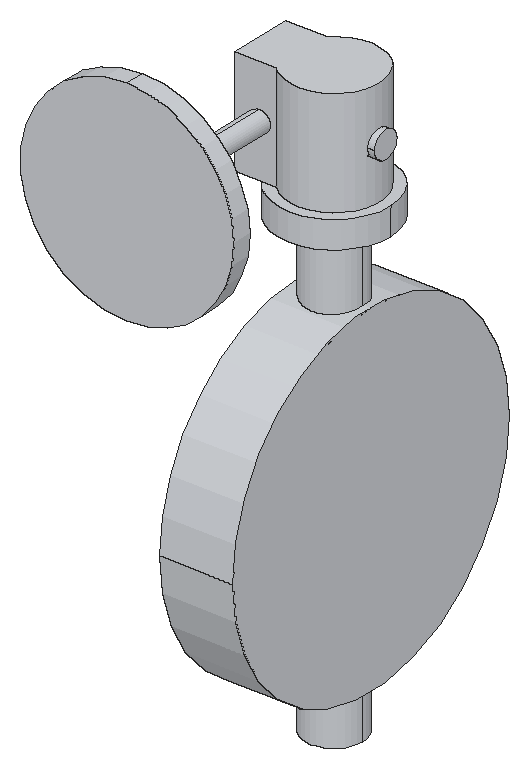
Revit family "HS497-68_disk-nerez_převodové kolo DN400-RFA_2018", category Pipe Accessories, Revit 2018
Family settings
  Round Connector Dimension = Use Diameter
  Part Type = Valve - Breaks Into
  Work Plane-Based = No
  Always vertical = Yes
  Cut with Voids When Loaded = No
  Shared = No
Parameters (values of type "HS 497-68_DN400_PN10_převodové kolo")
  magiProductId = "cc64a4384dcb41b780d81810f4f293"
  magiProductFamilyId = "53cea81e6f374d17b8841d9c72ad77"
  magiPartTypeId = 305
  isMeasuringValve [instance] = no
  ang2D [instance] = 0.00°
  X11 = 109.255 mm
  X1 = 45.255 mm
  W2D = 1000 mm
  VersionID = "2.0/2017.9.26.1/ZETKAMA_497_001"
  Use Minimum Symbol Size [instance] = yes
  URL = "http://www.hydronic.cz"
  Type Comments = "mezipřírubová; nerezový disk; PN10; -10~+110°C (krátkodobě +120°C)"
  SW30 = yes
  SW3 = yes
  SW21 = no
  SW20 = no
  SW2 = no
  SW1 = no
  R = 200 mm
  QmdConnectorList = "301;D;302;D"
  Productdata [instance] = ""
  NC = 72.5 mm
  Manufacturer = "Hydronic Systems Prague s.r.o."
  MM20 = 45.255 mm
  MC Product Code = "126 400 (nerezový disk, s převodovým kolem; DN400; PN10, kvs13799)"
  M41 = 103.5 mm
  M4 = 69 mm
  LHL = 220 mm
  LHH3 = 2.45 mm
  LHH1 = 46.55 mm
  LH1 = 73.333 mm
  L4R__ve = -L4R  # -27.8 mm
  L4R = 27.8 mm
  L42__ve = -L42  # -208.5 mm
  L42 = 208.5 mm
  L41__ve = -L41  # -41.7 mm
  L41 = 41.7 mm
  L2D_Min = 3048 mm
  L2D = 216 mm
  L2 = 51 mm
  L1 = 81.6 mm
  L = 102 mm
  H = 31 mm
  G22 = 11.25 mm
  G2 = 22.5 mm
  G1 = 90 mm
  G = 160 mm
  F = 27 mm
  E44 = 75 mm
  E42 = 150 mm
  E4 = 300 mm
  E23 = 4.9 mm
  E22 = 19.6 mm
  E21 = 9.8 mm
  Description = "Mezipřírubová uzavírací klapka s převodovým kolem; nerezový disk, DN400; PN10; kvs13799"
  DR2 = 200 mm
  DR = 485 mm
  DD1 = 37.5 mm
  DD = 30 mm
  D = 400 mm
  CAT0 = yes
  B2__ve = -B2  # -108 mm
  B2 = 108 mm
  A2 = 38 mm
  A1 = 142 mm
Types (43, lengths in mm): name | magiProductId | X11 | X1 | Type Comments | SW30 | SW3 | SW20 | SW2 | SW1 | R | NC | Manufacturer | MM20 | MC Product Code | M41 | M4 | LHL | LHH3 | LHH1 | LH1 | L4R__ve | L4R | L42__ve | L42 | L41__ve | L41 | L2 | L1 | L | H | G | F | E44 | E42 | E4 | E23 | E22 | E21 | Description | DR2 | DR | DD1 | DD | D | B2__ve | B2 | A2 | A1
  HS 497-68_DN100_PN16_volné vřeteno | "65d1b245f4f142c78569c0602d5754" | 61.456 | 25.456 | "mezipřírubová; nerezový disk; PN16; -10~+110°C (krátkodobě +120°C)" | no | no | no | no | yes | 50 | 50 | "Hydronic Systems Prague s.r.o." | 25.456 | "124 100 (nerezový disk, s volným vřetenem; DN100; PN16, kvs512)" | 66 | 44 | 220 | 2.45 | 46.55 | 73.333 | -12.8 | 12.8 | -96 | 96 | -19.2 | 19.2 | 26 | 41.6 | 52 | 30 | 90 | 11 | 31.25 | 62.5 | 125 | 4.9 | 19.6 | 9.8 | "Mezipřírubová uzavírací klapka s volným vřetenem; nerezový disk, DN100; PN16; kvs512" | 50 | 147 | 15.625 | 12.5 | 100 | -56 | 56 | 16.5 | 98.5
  HS 497-68_DN100_PN16_převodové kolo | "11e91b807e674d428c8e796fcdcfe2" | 61.456 | 25.456 | "mezipřírubová; nerezový disk; PN16; -10~+110°C (krátkodobě +120°C)" | yes | yes | no | no | no | 50 | 50 | "Hydronic Systems Prague s.r.o." | 25.456 | "126 100 (nerezový disk, s převodovým kolem; DN100; PN16, kvs512)" | 65.25 | 43.5 | 220 | 2.45 | 46.55 | 73.333 | -12.8 | 12.8 | -96 | 96 | -19.2 | 19.2 | 26 | 41.6 | 52 | 30 | 90 | 11 | 31.25 | 62.5 | 125 | 4.9 | 19.6 | 9.8 | "Mezipřírubová uzavírací klapka s převodovým kolem; nerezový disk, DN100; PN16; kvs512" | 50 | 147 | 15.625 | 12.5 | 100 | -56 | 56 | 16.5 | 98.5
  HS 497-68_DN100_PN16_s pákou | "28172f0b3f4b47b28323ac71cf8749" | 61.456 | 25.456 | "mezipřírubová; nerezový disk; PN16; -10~+110°C (krátkodobě +120°C)" | no | no | yes | yes | no | 50 | 50 | "Hydronic Systems Prague s.r.o." | 25.456 | "121 100 (nerezový disk, s pákou; DN100; PN16, kvs512)" | 66 | 44 | 260 | 3 | 57 | 86.667 | -12.8 | 12.8 | -96 | 96 | -19.2 | 19.2 | 26 | 41.6 | 52 | 30 | 90 | 11 | 31.25 | 62.5 | 125 | 6 | 24 | 12 | "Mezipřírubová uzavírací klapka s pákou; nerezový disk, DN100; PN16; kvs512" | 50 | 147 | 15.625 | 12.5 | 100 | -56 | 56 | 16.5 | 98.5
  HS 497-68_DN125_PN16_volné vřeteno | "0d813d910fc14f628bb3c2efbd185c" | 61.456 | 25.456 | "mezipřírubová; nerezový disk; PN16; -10~+110°C (krátkodobě +120°C)" | no | no | no | no | yes | 62.5 | 50 | "Hydronic Systems Prague s.r.o." | 25.456 | "124 125 (nerezový disk, s volným vřetenem; DN125; PN16, kvs872)" | 66 | 44 | 220 | 2.45 | 46.55 | 73.333 | -12.8 | 12.8 | -96 | 96 | -19.2 | 19.2 | 28 | 44.8 | 56 | 33 | 90 | 14 | 31.25 | 62.5 | 125 | 4.9 | 19.6 | 9.8 | "Mezipřírubová uzavírací klapka s volným vřetenem; nerezový disk, DN125; PN16; kvs872" | 62.5 | 180 | 15.625 | 12.5 | 125 | -64 | 64 | 18 | 99.5
  HS 497-68_DN125_PN16_převodové kolo | "c56b7c13f372467684996fb1e0e229" | 61.456 | 25.456 | "mezipřírubová; nerezový disk; PN16; -10~+110°C (krátkodobě +120°C)" | yes | yes | no | no | no | 62.5 | 50 | "Hydronic Systems Prague s.r.o." | 25.456 | "126125 (nerezový disk, s převodovým kolem; DN125; PN16, kvs872)" | 65.25 | 43.5 | 220 | 2.45 | 46.55 | 73.333 | -13.5 | 13.5 | -101.25 | 101.25 | -20.25 | 20.25 | 28 | 44.8 | 56 | 33 | 90 | 14 | 40 | 80 | 160 | 4.9 | 19.6 | 9.8 | "Mezipřírubová uzavírací klapka s převodovým kolem; nerezový disk, DN125; PN16; kvs872" | 62.5 | 180 | 20 | 16 | 125 | -64 | 64 | 18 | 99.5
  HS 497-68_DN125_PN16_s pákou | "105993c79a91492399feef7931321a" | 61.456 | 25.456 | "mezipřírubová; nerezový disk; PN16; -10~+110°C (krátkodobě +120°C)" | no | no | yes | yes | no | 62.5 | 50 | "Hydronic Systems Prague s.r.o." | 25.456 | "121 125 (nerezový disk, s pákou; DN125; PN16, kvs872)" | 66 | 44 | 315 | 3.75 | 71.25 | 105 | -12.8 | 12.8 | -96 | 96 | -19.2 | 19.2 | 28 | 44.8 | 56 | 33 | 90 | 14 | 31.25 | 62.5 | 125 | 7.5 | 30 | 15 | "Mezipřírubová uzavírací klapka s pákou; nerezový disk, DN125; PN16; kvs872" | 62.5 | 180 | 15.625 | 12.5 | 125 | -64 | 64 | 18 | 99.5
  HS 497-68_DN150_PN16_volné vřeteno | "50c80cb8ab434f55ab7796e5ac1331" | 61.456 | 25.456 | "mezipřírubová; nerezový disk; PN16; -10~+110°C (krátkodobě +120°C)" | no | no | no | no | yes | 75 | 50 | "Hydronic Systems Prague s.r.o." | 25.456 | "124 150 (nerezový disk, s volným vřetenem; DN150; PN16, kvs1347)" | 66 | 44 | 220 | 2.45 | 46.55 | 73.333 | -12.8 | 12.8 | -96 | 96 | -19.2 | 19.2 | 28 | 44.8 | 56 | 33 | 90 | 14 | 31.25 | 62.5 | 125 | 4.9 | 19.6 | 9.8 | "Mezipřírubová uzavírací klapka s volným vřetenem; nerezový disk, DN150; PN16; kvs1347" | 75 | 206 | 15.625 | 12.5 | 150 | -58 | 58 | 19.3 | 98.7
  HS 497-68_DN150_PN16_převodové kolo | "d94a1a0cf83b476eb10011b327f709" | 61.456 | 25.456 | "mezipřírubová; nerezový disk; PN16; -10~+110°C (krátkodobě +120°C)" | yes | yes | no | no | no | 75 | 50 | "Hydronic Systems Prague s.r.o." | 25.456 | "126 150 (nerezový disk, s převodovým kolem; DN150; PN16, kvs1347)" | 65.25 | 43.5 | 220 | 2.45 | 46.55 | 73.333 | -13.5 | 13.5 | -101.25 | 101.25 | -20.25 | 20.25 | 28 | 44.8 | 56 | 33 | 90 | 14 | 40 | 80 | 160 | 4.9 | 19.6 | 9.8 | "Mezipřírubová uzavírací klapka s převodovým kolem; nerezový disk, DN150; PN16; kvs1347" | 75 | 206 | 20 | 16 | 150 | -58 | 58 | 19.3 | 98.7
  HS 497-68_DN150_PN16_s pákou | "4d2835523fe84828bc50ff0a5a0dfb" | 61.456 | 25.456 | "mezipřírubová; nerezový disk; PN16; -10~+110°C (krátkodobě +120°C)" | no | no | yes | yes | no | 75 | 50 | "Hydronic Systems Prague s.r.o." | 25.456 | "121 150 (nerezový disk, s pákou; DN150; PN16, kvs1347)" | 66 | 44 | 315 | 3.75 | 71.25 | 105 | -12.8 | 12.8 | -96 | 96 | -19.2 | 19.2 | 28 | 44.8 | 56 | 33 | 90 | 14 | 31.25 | 62.5 | 125 | 7.5 | 30 | 15 | "Mezipřírubová uzavírací klapka s pákou; nerezový disk, DN150; PN16; kvs1347" | 75 | 206 | 15.625 | 12.5 | 150 | -58 | 58 | 19.3 | 98.7
  HS 497-68_DN200_PN16_volné vřeteno | "5b29029eaeba47139ee1055a4b9201" | 61.456 | 25.456 | "mezipřírubová; nerezový disk; PN16; -10~+110°C (krátkodobě +120°C)" | no | no | no | no | yes | 100 | 50 | "Hydronic Systems Prague s.r.o." | 25.456 | "124 200 (nerezový disk, s volným vřetenem; DN200; PN16, kvs2675)" | 66 | 44 | 220 | 2.45 | 46.55 | 73.333 | -12.8 | 12.8 | -96 | 96 | -19.2 | 19.2 | 30 | 48 | 60 | 33 | 90 | 17 | 31.25 | 62.5 | 125 | 4.9 | 19.6 | 9.8 | "Mezipřírubová uzavírací klapka s volným vřetenem; nerezový disk, DN200; PN16; kvs2675" | 100 | 257 | 15.625 | 12.5 | 200 | -70 | 70 | 22.5 | 102.5
  HS 497-68_DN200_PN16_převodové kolo | "b2793cc1fcc44cf2a35062cd67c04f" | 61.456 | 25.456 | "mezipřírubová; nerezový disk; PN16; -10~+110°C (krátkodobě +120°C)" | yes | yes | no | no | no | 100 | 57 | "Hydronic Systems Prague s.r.o." | 25.456 | "126 200 (nerezový disk, s převodovým kolem; DN200; PN16, kvs2675)" | 78.75 | 52.5 | 220 | 2.45 | 46.55 | 73.333 | -15.2 | 15.2 | -114 | 114 | -22.8 | 22.8 | 30 | 48 | 60 | 33 | 90 | 17 | 50 | 100 | 200 | 4.9 | 19.6 | 9.8 | "Mezipřírubová uzavírací klapka s převodovým kolem; nerezový disk, DN200; PN16; kvs2675" | 100 | 257 | 25 | 20 | 200 | -70 | 70 | 22.5 | 102.5
  HS 497-68_DN200_PN16_s pákou | "f88d96c7af224537a51e72d7d8fffe" | 61.456 | 25.456 | "mezipřírubová; nerezový disk; PN16; -10~+110°C (krátkodobě +120°C)" | no | no | yes | yes | no | 100 | 50 | "Hydronic Systems Prague s.r.o." | 25.456 | "121 200 (nerezový disk, s pákou; DN200; PN16, kvs2675)" | 66 | 44 | 315 | 3.75 | 71.25 | 105 | -12.8 | 12.8 | -96 | 96 | -19.2 | 19.2 | 30 | 48 | 60 | 33 | 90 | 17 | 31.25 | 62.5 | 125 | 7.5 | 30 | 15 | "Mezipřírubová uzavírací klapka s pákou; nerezový disk, DN200; PN16; kvs2675" | 100 | 257 | 15.625 | 12.5 | 200 | -70 | 70 | 22.5 | 102.5
  HS 497-68_DN250_PN16_volné vřeteno | "b662e8305ca2402b9c510e66e6aa55" | 88.77 | 36.77 | "mezipřírubová; nerezový disk; PN16; -10~+110°C (krátkodobě +120°C)" | no | no | no | no | yes | 125 | 50 | "Hydronic Systems Prague s.r.o." | 36.77 | "124 250 (nerezový disk, s volným vřetenem; DN250; PN16, kvs4555)" | 66 | 44 | 220 | 2.45 | 46.55 | 73.333 | -12.8 | 12.8 | -96 | 96 | -19.2 | 19.2 | 34 | 54.4 | 68 | 23 | 130 | 22 | 31.25 | 62.5 | 125 | 4.9 | 19.6 | 9.8 | "Mezipřírubová uzavírací klapka s volným vřetenem; nerezový disk, DN250; PN16; kvs4555" | 125 | 324 | 15.625 | 12.5 | 250 | -85 | 85 | 28.25 | 129.25
  HS 497-68_DN250_PN16_převodové kolo | "5ee9016806664ddfaa2632711f295c" | 88.77 | 36.77 | "mezipřírubová; nerezový disk; PN16; -10~+110°C (krátkodobě +120°C)" | yes | yes | no | no | no | 125 | 70 | "Hydronic Systems Prague s.r.o." | 36.77 | "126 250 (nerezový disk, s převodovým kolem; DN250; PN16, kvs4555)" | 91.5 | 61 | 220 | 2.45 | 46.55 | 73.333 | -22.2 | 22.2 | -166.5 | 166.5 | -33.3 | 33.3 | 34 | 54.4 | 68 | 23 | 130 | 22 | 62.5 | 125 | 250 | 4.9 | 19.6 | 9.8 | "Mezipřírubová uzavírací klapka s převodovým kolem; nerezový disk, DN250; PN16; kvs4555" | 125 | 324 | 31.25 | 25 | 250 | -85 | 85 | 28.25 | 129.25
  HS 497-68_DN300_PN16_volné vřeteno | "e1886f51ff004380a649519258edf2" | 88.77 | 36.77 | "mezipřírubová; nerezový disk; PN16; -10~+110°C (krátkodobě +120°C)" | no | no | no | no | yes | 150 | 50 | "Hydronic Systems Prague s.r.o." | 36.77 | "124 300 (nerezový disk, s volným vřetenem; DN300; PN16, kvs7037)" | 66 | 44 | 220 | 2.45 | 46.55 | 73.333 | -12.8 | 12.8 | -96 | 96 | -19.2 | 19.2 | 39 | 62.4 | 78 | 23 | 130 | 22 | 31.25 | 62.5 | 125 | 4.9 | 19.6 | 9.8 | "Mezipřírubová uzavírací klapka s volným vřetenem; nerezový disk, DN300; PN16; kvs7037" | 150 | 376 | 15.625 | 12.5 | 300 | -90 | 90 | 30.8 | 127.2
  HS 497-68_DN300_PN16_převodové kolo | "6860f094f77d42088fbebc3c97f755" | 88.77 | 36.77 | "mezipřírubová; nerezový disk; PN16; -10~+110°C (krátkodobě +120°C)" | yes | yes | no | no | no | 150 | 70 | "Hydronic Systems Prague s.r.o." | 36.77 | "126 300 (nerezový disk, s převodovým kolem; DN300; PN16, kvs7037)" | 91.5 | 61 | 220 | 2.45 | 46.55 | 73.333 | -22.2 | 22.2 | -166.5 | 166.5 | -33.3 | 33.3 | 39 | 62.4 | 78 | 23 | 130 | 22 | 62.5 | 125 | 250 | 4.9 | 19.6 | 9.8 | "Mezipřírubová uzavírací klapka s převodovým kolem; nerezový disk, DN300; PN16; kvs7037" | 150 | 376 | 31.25 | 25 | 300 | -90 | 90 | 30.8 | 127.2
  HS 497-68_DN032_PN16_volné vřeteno | "8c5f65de52aa4067a77564107e31b2" | 61.456 | 25.456 | "mezipřírubová; nerezový disk; PN16; -10~+110°C (krátkodobě +120°C)" | no | no | no | no | yes | 16 | 50 | "Hydronic Systems Prague s.r.o." | 25.456 | "124 032 (nerezový disk, s volným vřetenem; DN32; PN16, kvs78)" | 66 | 44 | 220 | 2.45 | 46.55 | 73.333 | -12.8 | 12.8 | -96 | 96 | -19.2 | 19.2 | 16.5 | 26.4 | 33 | 30 | 90 | 11 | 31.25 | 62.5 | 125 | 4.9 | 19.6 | 9.8 | "Mezipřírubová uzavírací klapka s volným vřetenem; nerezový disk, DN32; PN16; kvs78" | 16 | 68 | 15.625 | 12.5 | 32 | -44.2 | 44.2 | 10.25 | 76.25
  HS 497-68_DN032_PN16_převodové kolo | "60aaeffa8b3a4e809ef000e4660060" | 61.456 | 25.456 | "mezipřírubová; nerezový disk; PN16; -10~+110°C (krátkodobě +120°C)" | yes | yes | no | no | no | 16 | 50 | "Hydronic Systems Prague s.r.o." | 25.456 | "126 032 (nerezový disk, s převodovým kolem; DN32; PN16, kvs78)" | 65.25 | 43.5 | 220 | 2.45 | 46.55 | 73.333 | -12.8 | 12.8 | -96 | 96 | -19.2 | 19.2 | 16.5 | 26.4 | 33 | 30 | 90 | 11 | 31.25 | 62.5 | 125 | 4.9 | 19.6 | 9.8 | "Mezipřírubová uzavírací klapka s převodovým kolem; nerezový disk, DN32; PN16; kvs78" | 16 | 68 | 15.625 | 12.5 | 32 | -44.2 | 44.2 | 10.25 | 76.25
  HS 497-68_DN032_PN16_s pákou | "9ad8088d610749a1b871aa2aad8007" | 61.456 | 25.456 | "mezipřírubová; nerezový disk; PN16; -10~+110°C (krátkodobě +120°C)" | no | no | yes | yes | no | 16 | 50 | "Hydronic Systems Prague s.r.o." | 25.456 | "121 032 (nerezový disk, s pákou; DN32; PN16, kvs78)" | 66 | 44 | 220 | 2.45 | 46.55 | 73.333 | -12.8 | 12.8 | -96 | 96 | -19.2 | 19.2 | 16.5 | 26.4 | 33 | 30 | 90 | 11 | 31.25 | 62.5 | 125 | 4.9 | 19.6 | 9.8 | "Mezipřírubová uzavírací klapka s pákou; nerezový disk, DN32; PN16; kvs78" | 16 | 68 | 15.625 | 12.5 | 32 | -44.2 | 44.2 | 10.25 | 76.25
  HS 497-68_DN350_PN10_volné vřeteno | "72a1e05f22944421b7e9596a877137" | 109.255 | 45.255 | "mezipřírubová; nerezový disk; PN10; -10~+110°C (krátkodobě +120°C)" | no | no | no | no | yes | 175 | 50 | "Hydronic Systems Prague s.r.o." | 45.255 | "124 350 (nerezový disk, s volným vřetenem; DN350; PN10, kvs10165)" | 66 | 44 | 220 | 2.45 | 46.55 | 73.333 | -12.8 | 12.8 | -96 | 96 | -19.2 | 19.2 | 39 | 62.4 | 78 | 31 | 160 | 22 | 31.25 | 62.5 | 125 | 4.9 | 19.6 | 9.8 | "Mezipřírubová uzavírací klapka s volným vřetenem; nerezový disk, DN350; PN10; kvs10165" | 175 | 430 | 15.625 | 12.5 | 350 | -88 | 88 | 33.85 | 129.65
  HS 497-68_DN350_PN10_převodové kolo | "a5a01426cb28494ba3afca92f1dace" | 109.255 | 45.255 | "mezipřírubová; nerezový disk; PN10; -10~+110°C (krátkodobě +120°C)" | yes | yes | no | no | no | 175 | 70 | "Hydronic Systems Prague s.r.o." | 45.255 | "126 350 (nerezový disk, s převodovým kolem; DN350; PN10, kvs10165)" | 91.5 | 61 | 220 | 2.45 | 46.55 | 73.333 | -22.2 | 22.2 | -166.5 | 166.5 | -33.3 | 33.3 | 39 | 62.4 | 78 | 31 | 160 | 22 | 62.5 | 125 | 250 | 4.9 | 19.6 | 9.8 | "Mezipřírubová uzavírací klapka s převodovým kolem; nerezový disk, DN350; PN10; kvs10165" | 175 | 430 | 31.25 | 25 | 350 | -88 | 88 | 33.85 | 129.65
  HS 497-68_DN400_PN10_volné vřeteno | "c70ebeb927c04ab99b176e257ad0a7" | 109.255 | 45.255 | "mezipřírubová; nerezový disk; PN10; -10~+110°C (krátkodobě +120°C)" | no | no | no | no | yes | 200 | 50 | "Hydronic Systems Prague s.r.o." | 45.255 | "124 400 (nerezový disk, s volným vřetenem; DN400; PN10, kvs13799)" | 66 | 44 | 220 | 2.45 | 46.55 | 73.333 | -12.8 | 12.8 | -96 | 96 | -19.2 | 19.2 | 51 | 81.6 | 102 | 31 | 160 | 27 | 31.25 | 62.5 | 125 | 4.9 | 19.6 | 9.8 | "Mezipřírubová uzavírací klapka s volným vřetenem; nerezový disk, DN400; PN10; kvs13799" | 200 | 485 | 15.625 | 12.5 | 400 | -108 | 108 | 38 | 142
  HS 497-68_DN400_PN10_převodové kolo | "cc64a4384dcb41b780d81810f4f293" | 109.255 | 45.255 | "mezipřírubová; nerezový disk; PN10; -10~+110°C (krátkodobě +120°C)" | yes | yes | no | no | no | 200 | 72.5 | "Hydronic Systems Prague s.r.o." | 45.255 | "126 400 (nerezový disk, s převodovým kolem; DN400; PN10, kvs13799)" | 103.5 | 69 | 220 | 2.45 | 46.55 | 73.333 | -27.8 | 27.8 | -208.5 | 208.5 | -41.7 | 41.7 | 51 | 81.6 | 102 | 31 | 160 | 27 | 75 | 150 | 300 | 4.9 | 19.6 | 9.8 | "Mezipřírubová uzavírací klapka s převodovým kolem; nerezový disk, DN400; PN10; kvs13799" | 200 | 485 | 37.5 | 30 | 400 | -108 | 108 | 38 | 142
  HS 497-68_DN040_PN16_volné vřeteno | "35f92312390745e88df5b5c325d9ee" | 61.456 | 25.456 | "mezipřírubová; nerezový disk; PN16; -10~+110°C (krátkodobě +120°C)" | no | no | no | no | yes | 20 | 50 | "Hydronic Systems Prague s.r.o." | 25.456 | "124 040 (nerezový disk, s volným vřetenem; DN40; PN16, kvs78)" | 66 | 44 | 220 | 2.45 | 46.55 | 73.333 | -12.8 | 12.8 | -96 | 96 | -19.2 | 19.2 | 16.5 | 26.4 | 33 | 30 | 90 | 11 | 31.25 | 62.5 | 125 | 4.9 | 19.6 | 9.8 | "Mezipřírubová uzavírací klapka s volným vřetenem; nerezový disk, DN40; PN16; kvs78" | 20 | 76 | 15.625 | 12.5 | 40 | -36 | 36 | 11 | 79
  HS 497-68_DN040_PN16_převodové kolo | "d88e968eae3445bc9b7b4e6ff35127" | 61.456 | 25.456 | "mezipřírubová; nerezový disk; PN16; -10~+110°C (krátkodobě +120°C)" | yes | yes | no | no | no | 20 | 50 | "Hydronic Systems Prague s.r.o." | 25.456 | "126 040 (nerezový disk, s převodovým kolem; DN40; PN16, kvs78)" | 65.25 | 43.5 | 220 | 2.45 | 46.55 | 73.333 | -12.8 | 12.8 | -96 | 96 | -19.2 | 19.2 | 16.5 | 26.4 | 33 | 30 | 90 | 11 | 31.25 | 62.5 | 125 | 4.9 | 19.6 | 9.8 | "Mezipřírubová uzavírací klapka s převodovým kolem; nerezový disk, DN40; PN16; kvs78" | 20 | 76 | 15.625 | 12.5 | 40 | -36 | 36 | 11 | 79
  HS 497-68_DN040_PN16_s pákou | "c1b522ca65b4407a98818f232eaacb" | 61.456 | 25.456 | "mezipřírubová; nerezový disk; PN16; -10~+110°C (krátkodobě +120°C)" | no | no | yes | yes | no | 20 | 50 | "Hydronic Systems Prague s.r.o." | 25.456 | "121 040 (nerezový disk, s pákou; DN40; PN16, kvs78)" | 66 | 44 | 220 | 2.45 | 46.55 | 73.333 | -12.8 | 12.8 | -96 | 96 | -19.2 | 19.2 | 16.5 | 26.4 | 33 | 30 | 90 | 11 | 31.25 | 62.5 | 125 | 4.9 | 19.6 | 9.8 | "Mezipřírubová uzavírací klapka s pákou; nerezový disk, DN40; PN16; kvs78" | 20 | 76 | 15.625 | 12.5 | 40 | -36 | 36 | 11 | 79
  HS 497-68_DN450_PN10_volné vřeteno | "a8358bc282f14872b3194e530e590a" | 129.74 | 53.74 | "mezipřírubová; nerezový disk; PN10; -10~+110°C (krátkodobě +120°C)" | no | no | no | no | yes | 225 | 50 | "Hydronic Systems Prague s.r.o." | 53.74 | "124 450 (nerezový disk, s volným vřetenem; DN450; PN10, kvs18514)" | 66 | 44 | 220 | 2.45 | 46.55 | 73.333 | -12.8 | 12.8 | -96 | 96 | -19.2 | 19.2 | 57 | 91.2 | 114 | 38 | 190 | 36 | 31.25 | 62.5 | 125 | 4.9 | 19.6 | 9.8 | "Mezipřírubová uzavírací klapka s volným vřetenem; nerezový, DN450; PN10; kvs18514" | 225 | 536 | 15.625 | 12.5 | 450 | -115 | 115 | 38.05 | 117.45
  HS 497-68_DN450_PN10_převodové kolo | "cdf2d80f54a9414f9cbe50647c0ebd" | 129.74 | 53.74 | "mezipřírubová; nerezový disk; PN10; -10~+110°C (krátkodobě +120°C)" | yes | yes | no | no | no | 225 | 91.5 | "Zetkama" | 53.74 | "126 450 (nerezový disk, s převodovým kolem; DN450; PN10, kvs18514)" | 144.75 | 96.5 | 220 | 2.45 | 46.55 | 73.333 | -32.1 | 32.1 | -240.75 | 240.75 | -48.15 | 48.15 | 57 | 91.2 | 114 | 38 | 190 | 36 | 100 | 200 | 400 | 4.9 | 19.6 | 9.8 | "Mezipřírubová uzavírací klapka s převodovým kolem; nerezový disk, DN450; PN10; kvs18514" | 225 | 536 | 50 | 40 | 450 | -115 | 115 | 38.05 | 117.45
  HS 497-68_DN500_PN10_volné vřeteno | "8c396e27bb2743f98f3c762b6517cd" | 143.397 | 59.397 | "mezipřírubová; nerezový disk; PN10; -10~+110°C (krátkodobě +120°C)" | no | no | no | no | yes | 250 | 50 | "Hydronic Systems Prague s.r.o." | 59.397 | "124 500 (nerezový disk, s volným vřetenem; DN500; PN10, kvs23805)" | 66 | 44 | 220 | 2.45 | 46.55 | 73.333 | -12.8 | 12.8 | -96 | 96 | -19.2 | 19.2 | 63.5 | 101.6 | 127 | 38 | 210 | 36 | 31.25 | 62.5 | 125 | 4.9 | 19.6 | 9.8 | "Mezipřírubová uzavírací klapka s volným vřetenem; nerezový disk, DN500; PN10; kvs23805" | 250 | 593 | 15.625 | 12.5 | 500 | -130 | 130 | 43.25 | 139.25
  HS 497-68_DN500_PN10_převodové kolo | "7647804f32e94cef828a7034a91a46" | 143.397 | 59.397 | "mezipřírubová; nerezový disk; PN10; -10~+110°C (krátkodobě +120°C)" | yes | yes | no | no | no | 250 | 91.5 | "Zetkama" | 59.397 | "126 500 (nerezový disk, s převodovým kolem; DN500; PN10, kvs23805)" | 144.75 | 96.5 | 220 | 2.45 | 46.55 | 73.333 | -32.1 | 32.1 | -240.75 | 240.75 | -48.15 | 48.15 | 63.5 | 101.6 | 127 | 38 | 210 | 36 | 100 | 200 | 400 | 4.9 | 19.6 | 9.8 | "Mezipřírubová uzavírací klapka s převodovým kolem; nerezový disk, DN500; PN10; kvs23805" | 250 | 593 | 50 | 40 | 500 | -130 | 130 | 43.25 | 139.25
  HS 497-68_DN050_volné vřeteno | "d71f296ecd6d4adf8f6e5d9853b4e0" | 61.456 | 25.456 | "mezipřírubová; nerezový disk; PN16; -10~+110°C (krátkodobě +120°C)" | no | no | no | no | yes | 25 | 50 | "Hydronic Systems Prague s.r.o." | 25.456 | "124 050 (nerezový disk, s volným vřetenem; DN50; PN16, kvs98)" | 66 | 44 | 220 | 2.45 | 46.55 | 73.333 | -12.8 | 12.8 | -96 | 96 | -19.2 | 19.2 | 21.5 | 34.4 | 43 | 30 | 90 | 11 | 31.25 | 62.5 | 125 | 4.9 | 19.6 | 9.8 | "Mezipřírubová uzavírací klapka s volným vřetenem; nerezový disk, DN50; PN16; kvs98" | 25 | 100 | 15.625 | 12.5 | 50 | -36.5 | 36.5 | 12 | 83
  HS 497-68_DN050_PN16_převodové kolo | "2fb080deeaed49c58418b94c1da5a4" | 61.456 | 25.456 | "mezipřírubová; nerezový disk; PN16; -10~+110°C (krátkodobě +120°C)" | yes | yes | no | no | no | 25 | 50 | "Hydronic Systems Prague s.r.o." | 25.456 | "126 050 (nerezový disk, s převodovým kolem; DN50; PN16, kvs98)" | 65.25 | 43.5 | 220 | 2.45 | 46.55 | 73.333 | -12.8 | 12.8 | -96 | 96 | -19.2 | 19.2 | 21.5 | 34.4 | 43 | 30 | 90 | 11 | 31.25 | 62.5 | 125 | 4.9 | 19.6 | 9.8 | "Mezipřírubová uzavírací klapka s převodovým kolem; nerezový disk, DN50; PN16; kvs98" | 25 | 100 | 15.625 | 12.5 | 50 | -36.5 | 36.5 | 12 | 83
  HS 497-68_DN050_PN16_s pákou | "dabc632061f94877a994b9b4e68112" | 61.456 | 25.456 | "mezipřírubová; nerezový disk; PN16; -10~+110°C (krátkodobě +120°C)" | no | no | yes | yes | no | 25 | 50 | "Hydronic Systems Prague s.r.o." | 25.456 | "121 050 (nerezový disk, s pákou; DN50; PN16, kvs98)" | 66 | 44 | 220 | 2.45 | 46.55 | 73.333 | -12.8 | 12.8 | -96 | 96 | -19.2 | 19.2 | 21.5 | 34.4 | 43 | 30 | 90 | 11 | 31.25 | 62.5 | 125 | 4.9 | 19.6 | 9.8 | "Mezipřírubová uzavírací klapka s pákou; nerezový disk, DN50; PN16; kvs98" | 25 | 100 | 15.625 | 12.5 | 50 | -36.5 | 36.5 | 12 | 83
  HS 497-68_DN600_PN10_volné vřeteno | "99d5892c14664fce81a7c5903f7711" | 143.397 | 59.397 | "mezipřírubová; nerezový disk; PN10; -10~+110°C (krátkodobě +120°C)" | no | no | no | no | yes | 300 | 50 | "Hydronic Systems Prague s.r.o." | 59.397 | "124 600 (nerezový disk, s volným vřetenem; DN600; PN10, kvs36778)" | 66 | 44 | 220 | 2.45 | 46.55 | 73.333 | -12.8 | 12.8 | -96 | 96 | -19.2 | 19.2 | 77 | 123.2 | 154 | 80 | 210 | 60 | 31.25 | 62.5 | 125 | 4.9 | 19.6 | 9.8 | "Mezipřírubová uzavírací klapka s volným vřetenem; nerezový disk, DN600; PN10; kvs36788" | 300 | 690 | 15.625 | 12.5 | 600 | -140 | 140 | 49.4 | 144.6
  HS 497-68_DN600_PN10_převodové kolo | "b1e26faab48a4c499f6bb11e7e3002" | 143.397 | 59.397 | "mezipřírubová; lnerezový disk; PN10; -10~+110°C (krátkodobě +120°C)" | yes | yes | no | no | no | 300 | 140 | "Hydronic Systems Prague s.r.o." | 59.397 | "126 600 (nerezový disk, s převodovým kolem; DN600; PN10, kvs36778)" | 206.25 | 137.5 | 220 | 2.45 | 46.55 | 73.333 | -40.8 | 40.8 | -306 | 306 | -61.2 | 61.2 | 77 | 123.2 | 154 | 80 | 210 | 60 | 125 | 250 | 500 | 4.9 | 19.6 | 9.8 | "Mezipřírubová uzavírací klapka s převodovým kolem; nerezový disk, DN600; PN10; kvs36788" | 300 | 690 | 62.5 | 50 | 600 | -140 | 140 | 49.4 | 144.6
  HS 497-68_DN065_PN16_volné vřeteno | "5e5e208646e34ec29f889baab5d08e" | 61.456 | 25.456 | "mezipřírubová; lnerezový disk; PN16; -10~+110°C (krátkodobě +120°C)" | no | no | no | no | yes | 32.5 | 50 | "Hydronic Systems Prague s.r.o." | 25.456 | "124 065 (nerezový disk, s volným vřetenem; DN65; PN16, kvs167)" | 66 | 44 | 220 | 2.45 | 46.55 | 73.333 | -12.8 | 12.8 | -96 | 96 | -19.2 | 19.2 | 23 | 36.8 | 46 | 30 | 90 | 11 | 31.25 | 62.5 | 125 | 4.9 | 19.6 | 9.8 | "Mezipřírubová uzavírací klapka s volným vřetenem; nerezový disk, DN65; PN16; kv167" | 32.5 | 108 | 15.625 | 12.5 | 65 | -36.5 | 36.5 | 13.5 | 89
  HS 497-68_DN065_PN16_převodové kolo | "654d74c8d15540b0bfe523d988ccb3" | 61.456 | 25.456 | "mezipřírubová; nerezový disk; PN16; -10~+110°C (krátkodobě +120°C)" | yes | yes | no | no | no | 32.5 | 50 | "Hydronic Systems Prague s.r.o." | 25.456 | "126 065 (nerezový disk, s převodovým kolem; DN65; PN16, kvs167)" | 65.25 | 43.5 | 220 | 2.45 | 46.55 | 73.333 | -12.8 | 12.8 | -96 | 96 | -19.2 | 19.2 | 23 | 36.8 | 46 | 30 | 90 | 11 | 31.25 | 62.5 | 125 | 4.9 | 19.6 | 9.8 | "Mezipřírubová uzavírací klapka s převodovým kolem; nerezový disk, DN65; PN16; kvs167" | 32.5 | 108 | 15.625 | 12.5 | 65 | -36.5 | 36.5 | 13.5 | 89
  HS 497-68_DN065_PN16_s pákou | "ebeb4b59db0641caaf6d6635ab37b9" | 61.456 | 25.456 | "mezipřírubová; nerezový disk; PN16; -10~+110°C (krátkodobě +120°C)" | no | no | yes | yes | no | 32.5 | 50 | "Hydronic Systems Prague s.r.o." | 25.456 | "121 065 (nerezový disk, s pákou; DN65; PN16, kvs167)" | 66 | 44 | 220 | 2.45 | 46.55 | 73.333 | -12.8 | 12.8 | -96 | 96 | -19.2 | 19.2 | 23 | 36.8 | 46 | 30 | 90 | 11 | 31.25 | 62.5 | 125 | 4.9 | 19.6 | 9.8 | "Mezipřírubová uzavírací klapka s pákou; nerezový disk, DN65; PN16; kvs167" | 32.5 | 108 | 15.625 | 12.5 | 65 | -36.5 | 36.5 | 13.5 | 89
  HS 497-68_DN080_PN16_volné vřeteno | "9e85c75c18654e1185a9c48ed6b00e" | 61.456 | 25.456 | "mezipřírubová; nerezový disk; PN16; -10~+110°C (krátkodobě +120°C)" | no | no | no | no | yes | 40 | 50 | "Hydronic Systems Prague s.r.o." | 25.456 | "124 080 (nerezový disk, s volným vřetenem; DN80; PN16, kvs258)" | 66 | 44 | 220 | 2.45 | 46.55 | 73.333 | -12.8 | 12.8 | -96 | 96 | -19.2 | 19.2 | 23 | 36.8 | 46 | 30 | 90 | 11 | 31.25 | 62.5 | 125 | 4.9 | 19.6 | 9.8 | "Mezipřírubová uzavírací klapka s volným vřetenem; nerezový disk, DN80; PN16; kvs258" | 40 | 124 | 15.625 | 12.5 | 80 | -54 | 54 | 14.1 | 86.9
  HS 497-68_DN080_PN16_převodové kolo | "5b3c8238c3d041e68c75b199e7ea46" | 61.456 | 25.456 | "mezipřírubová; nerezový disk; PN16; -10~+110°C (krátkodobě +120°C)" | yes | yes | no | no | no | 40 | 50 | "Hydronic Systems Prague s.r.o." | 25.456 | "126 080 (nerezový disk, s převodovým kolem; DN80; PN16, kvs258)" | 65.25 | 43.5 | 220 | 2.45 | 46.55 | 73.333 | -12.8 | 12.8 | -96 | 96 | -19.2 | 19.2 | 23 | 36.8 | 46 | 30 | 90 | 11 | 31.25 | 62.5 | 125 | 4.9 | 19.6 | 9.8 | "Mezipřírubová uzavírací klapka s převodovým kolem; nerezový disk, DN80; PN16; kvs258" | 40 | 124 | 15.625 | 12.5 | 80 | -54 | 54 | 14.1 | 86.9
  HS 497-68_DN080_PN16_s pákou | "e414795fab0f4eccb99bc3572c5477" | 61.456 | 25.456 | "mezipřírubová; nerezový disk; PN16; -10~+110°C (krátkodobě +120°C)" | no | no | yes | yes | no | 40 | 50 | "Hydronic Systems Prague s.r.o." | 25.456 | "121 080 (nerezový disk, s pákou; DN80; PN16, kvs258)" | 66 | 44 | 260 | 3 | 57 | 86.667 | -12.8 | 12.8 | -96 | 96 | -19.2 | 19.2 | 23 | 36.8 | 46 | 30 | 90 | 11 | 31.25 | 62.5 | 125 | 6 | 24 | 12 | "Mezipřírubová uzavírací klapka s pákou; nerezový disk, DN80; PN16; kvs258" | 40 | 124 | 15.625 | 12.5 | 80 | -54 | 54 | 14.1 | 86.9
  HS 497-68_DN250_PN16_s pákou | "" | 88.77 | 36.77 | "mezipřírubová; nerezový disk; PN16; -10~+110°C (krátkodobě +120°C)" | no | no | yes | yes | no | 125 | 70 | "Hydronic Systems Prague s.r.o." | 36.77 | "121 250 (nerezový disk, s ákou; DN250; PN16, kvs4555)" | 91.5 | 61 | 220 | 2.45 | 46.55 | 73.333 | -22.2 | 22.2 | -166.5 | 166.5 | -33.3 | 33.3 | 34 | 54.4 | 68 | 23 | 130 | 22 | 62.5 | 125 | 250 | 4.9 | 19.6 | 9.8 | "Mezipřírubová uzavírací klapka s pákou; nerezový disk, DN250; PN16; kvs4555" | 125 | 324 | 31.25 | 25 | 250 | -85 | 85 | 28.25 | 129.25
  HS 497-68_DN300_PN16_s pákou | "" | 88.77 | 36.77 | "mezipřírubová; nerezový disk; PN16; -10~+110°C (krátkodobě +120°C)" | no | no | yes | yes | no | 150 | 70 | "Hydronic Systems Prague s.r.o." | 36.77 | "121 300 (nerezový disk, s pákou; DN300; PN16, kvs7037)" | 91.5 | 61 | 220 | 2.45 | 46.55 | 73.333 | -22.2 | 22.2 | -166.5 | 166.5 | -33.3 | 33.3 | 39 | 62.4 | 78 | 23 | 130 | 22 | 62.5 | 125 | 250 | 4.9 | 19.6 | 9.8 | "Mezipřírubová uzavírací klapka s pákou; nerezový disk, DN300; PN16; kvs7037" | 150 | 376 | 31.25 | 25 | 300 | -90 | 90 | 30.8 | 127.2
Reference planes
  plane 1 "Center (Front/Back)": y = 0
  plane 2 "XYPLANE": z = 0
  plane 3 "Center (Left/Right)": x = 0
  plane 4 "473": x = -45.255
  plane 5 "472": x = -103.5
  plane 6 "471": y = -45.255
  plane 7 "470": y = 45.255
  plane 8 "469": x = -69
  plane 9 "468": y = -250.2
  plane 10 "467": y = -208.5
  plane 11 "466": z = 455
  plane 12 "465": z = 426.55
  plane 13 "464": y = 145.417
  plane 14 "463": z = 416.75
  plane 15 "462": z = 399.6
  plane 16 "461": z = 409.4
  plane 17 "460": y = 72.083
  plane 18 "459": x = -11.25
  plane 19 "458": x = 11.25
  plane 20 "457": y = -6.25
  plane 21 "456": x = -17.5
  plane 22 "455": x = 17.5
  plane 23 "454": z = 414.3
  plane 24 "453": y = 62.083
  plane 25 "452": y = -11.25
  plane 26 "451": x = -22.5
  plane 27 "450": x = 22.5
  plane 28 "449": z = 394.7
  plane 29 "448": z = 389.8
  plane 30 "447": z = -200
  plane 31 "446": z = 380
  plane 32 "445": z = 342
  plane 33 "444": z = 200
  plane 34 "443": x = 51
  plane 35 "442": x = -51
  plane 36 "441": z = 0
  plane 37 "440": y = 0
  plane 38 "439": x = 0
  plane 39 "438": z = 429
  plane 40 "437": z = 414.3
  plane 41 "436": x = 13.7
  plane 42 "435": x = -13.7
  plane 43 "434": y = 220
Forms (mm)
  Extrusion 1, solid, visible <- "SW3"
    sketch origin (-750, 0, 380) x (1, 0, 0) y (0, 1, 0)
      loop
        line (646.5, 45.255) -> (646.5, -45.255) -> (704.745, -45.255)
        arc (704.745, -45.255) -> (814, 0) -> (704.745, 45.255) r 64
        line (704.745, 45.255) -> (646.5, 45.255)
    from 0 to 150 <- "E42"
  Extrusion 2, solid, visible <- "SW30"
    sketch origin (0, -750, 0) x (0, 1, 0) y (0, 0, 1)
      loop
        circle (750, 455) r 18.75
    from 0 to 72.5 <- "NC"
  Extrusion 3, solid, visible <- "SW30"
    sketch origin (750, -250.2, 0) x (-1, 0, 0) y (0, 0, 1)
      loop
        circle (819, 455) r 150
    from 0 to -27.8 <- "L4R__ve"
  Extrusion 4, solid, visible <- "SW3"
    sketch origin (750, -208.5, 0) x (-1, 0, 0) y (0, 0, 1)
      loop
        circle (819, 455) r 18.75
    from 0 to -41.7 <- "L41__ve"
  Extrusion 5, solid, visible <- "SW30"
    sketch origin (750, 0, 0) x (-1, 0, 0) y (0, 0, 1)
      loop
        circle (819, 455) r 15
    from 0 to -208.5 <- "L42__ve"
  Blend 6, solid, visible <- "SW21"
    base sketch origin (750, 72.083, 0) x (-1, 0, 0) y (0, 0, 1)
      loop
        line (761.25, 409.4) -> (738.75, 409.4) -> (738.75, 399.6) -> (761.25, 399.6) -> (761.25, 409.4)
    top sketch origin (750, 72.083, 0) x (-1, 0, 0) y (0, 0, 1)
      loop
        line (761.25, 426.55) -> (738.75, 426.55) -> (738.75, 416.75) -> (761.25, 416.75) -> (761.25, 426.55)
    from 0 to 73.333
  Blend 7, solid, visible <- "SW21"
    base sketch origin (750, 62.083, 0) x (-1, 0, 0) y (0, 0, 1)
      loop
        line (761.25, 414.3) -> (738.75, 414.3) -> (738.75, 394.7) -> (761.25, 394.7) -> (761.25, 414.3)
    top sketch origin (750, 62.083, 0) x (-1, 0, 0) y (0, 0, 1)
      loop
        line (761.25, 409.4) -> (738.75, 409.4) -> (738.75, 399.6) -> (761.25, 399.6) -> (761.25, 409.4)
    from 0 to 10
  Blend 8, solid, visible <- "SW21"
    base sketch origin (-750, 0, 394.7) x (1, 0, 0) y (0, 1, 0)
      loop
        line (772.5, 62.083) -> (727.5, 62.083) -> (727.5, -11.25)
        arc (727.5, -11.25) -> (750, -31.25) -> (772.5, -11.25) r 22.656
        line (772.5, -11.25) -> (772.5, 62.083)
    top sketch origin (-750, 0, 394.7) x (1, 0, 0) y (0, 1, 0)
      loop
        line (767.5, 62.083) -> (732.5, 62.083) -> (732.5, -6.25)
        arc (732.5, -6.25) -> (750, -26.25) -> (767.5, -6.25) r 17.656
        line (767.5, -6.25) -> (767.5, 62.083)
    from 0 to 19.6
  Extrusion 9, solid, visible <- "SW2"
    sketch origin (-750, 0, 389.8) x (1, 0, 0) y (0, 1, 0)
      loop
        circle (750, 0) r 11.25
    from 0 to 4.9 <- "E23"
  Extrusion 10, solid, visible <- "SW2"
    sketch origin (-750, 0, 380) x (1, 0, 0) y (0, 1, 0)
      loop
        circle (750, 0) r 45
    from 0 to 9.8 <- "E21"
  Extrusion 11, solid, visible <- "CAT0"
    sketch origin (-750, 0, -200) x (1, 0, 0) y (0, 1, 0)
      loop
        circle (750, 0) r 40.8
    from 0 to -108 <- "B2__ve"
  Extrusion 12, solid, visible <- "CAT0"
    sketch origin (-750, 0, 342) x (1, 0, 0) y (0, 1, 0)
      loop
        circle (750, 0) r 80
    from 0 to 38 <- "A2"
  Extrusion 13, solid, visible <- "CAT0"
    sketch origin (-750, 0, 200) x (1, 0, 0) y (0, 1, 0)
      loop
        circle (750, 0) r 40.8
    from 0 to 142 <- "A1"
  Extrusion 14, solid, visible <- "CAT0"
    sketch origin (-51, -750, 0) x (0, 1, 0) y (0, 0, 1)
      loop
        circle (750, 0) r 242.5
    from 0 to 102 <- "L"
  Extrusion 15, solid, visible <- "SW1"
    sketch origin (-750, 0, 380) x (1, 0, 0) y (0, 1, 0)
      loop
        line (763.5, 13.5) -> (736.5, 13.5) -> (736.5, -13.5) -> (763.5, -13.5) -> (763.5, 13.5)
    from 0 to 31 <- "H"
  Blend 16, solid, visible <- "SW2"
    base sketch origin (750, 145.417, 0) x (-1, 0, 0) y (0, 0, 1)
      loop
        arc (763.7, 424) -> (762.236, 427.536) -> (758.7, 429) r 5
        line (758.7, 429) -> (741.3, 429)
        arc (741.3, 429) -> (737.764, 427.536) -> (736.3, 424) r 5
        line (736.3, 424) -> (736.3, 419.3)
        arc (736.3, 419.3) -> (737.764, 415.764) -> (741.3, 414.3) r 5
        line (741.3, 414.3) -> (758.7, 414.3)
        arc (758.7, 414.3) -> (762.236, 415.764) -> (763.7, 419.3) r 5
        line (763.7, 419.3) -> (763.7, 424)
    top sketch origin (750, 145.417, 0) x (-1, 0, 0) y (0, 0, 1)
      loop
        arc (763.7, 424) -> (762.236, 427.536) -> (758.7, 429) r 5
        line (758.7, 429) -> (741.3, 429)
        arc (741.3, 429) -> (737.764, 427.536) -> (736.3, 424) r 5
        line (736.3, 424) -> (736.3, 419.3)
        arc (736.3, 419.3) -> (737.764, 415.764) -> (741.3, 414.3) r 5
        line (741.3, 414.3) -> (758.7, 414.3)
        arc (758.7, 414.3) -> (762.236, 415.764) -> (763.7, 419.3) r 5
        line (763.7, 419.3) -> (763.7, 424)
    from 0 to 74.583
  Blend 17, solid, visible <- "SW20"
    base sketch origin (750, 145.417, 0) x (-1, 0, 0) y (0, 0, 1)
      loop
        line (763.7, 429) -> (736.3, 429) -> (736.3, 414.3) -> (763.7, 414.3) -> (763.7, 429)
    top sketch origin (750, 145.417, 0) x (-1, 0, 0) y (0, 0, 1)
      loop
        line (761.25, 414.3) -> (738.75, 414.3) -> (738.75, 394.7) -> (761.25, 394.7) -> (761.25, 414.3)
    from 0 to -83.333
  Extrusion 18, solid, visible <- "SW20"
    sketch origin (-750, 0, 394.7) x (1, 0, 0) y (0, 1, 0)
      loop
        line (772.5, 62.083) -> (727.5, 62.083) -> (727.5, -11.25)
        arc (727.5, -11.25) -> (750, -31.25) -> (772.5, -11.25) r 22.656
        line (772.5, -11.25) -> (772.5, 62.083)
    from 0 to 19.6 <- "E22"
  Extrusion 19, solid, not visible
    sketch origin (-51, -750, 0) x (0, 1, 0) y (0, 0, 1)
      loop
        circle (750, 0) r 10
    from 0 to 10
  Extrusion 20, solid, not visible
    sketch origin (51, -750, 0) x (0, 1, 0) y (0, 0, 1)
      loop
        circle (750, 0) r 10
    from 0 to -10
Lines and regions (mm)
  reference lines, not visible
    curve 1: circle (2, 2, 0) r 1 normal (0, 0, 1)
  reference lines
    curve 2: line (-45.255, -45.255, 380) -> (-45.255, 45.255, 380)
    curve 3: line (-17.5, -6.25, 394.7) -> (17.5, -6.25, 394.7)
    curve 4: line (-22.5, -11.25, 394.7) -> (22.5, -11.25, 394.7)
    curve 5: circle (0, 0, 380) r 1 normal (0, 0, 1)
    curve 6: line (-22.5, -11.25, 394.7) -> (22.5, -11.25, 394.7)
Dimensions and locks
  plane 1 "Center (Front/Back)" to curve 1 = 2 mm
  "X1": plane 3 "Center (Left/Right)" to plane 4 "473"
  "M41": plane 3 "Center (Left/Right)" to plane 5 "472"
  "MM20": plane 1 "Center (Front/Back)" to plane 6 "471"
  "MM20": plane 1 "Center (Front/Back)" to plane 7 "470"
  "M4": plane 3 "Center (Left/Right)" to plane 8 "469"
  "L41": plane 10 "467" to plane 9 "468"
  "L42": plane 1 "Center (Front/Back)" to plane 10 "467"
  "E44": plane 31 "446" to plane 11 "466"
  "LHH1": plane 31 "446" to plane 12 "465"
  "LH1": plane 17 "460" to plane 13 "464"
  "E21": plane 12 "465" to plane 14 "463"
  "E21": plane 16 "461" to plane 15 "462"
  "E23": plane 23 "454" to plane 16 "461"
  locked: plane 24 "453" to plane 17 "460" at 10
  "G22": plane 3 "Center (Left/Right)" to plane 18 "459"
  "G22": plane 3 "Center (Left/Right)" to plane 19 "458"
  locked: plane 25 "452" to plane 20 "457" at 5
  locked: plane 26 "451" to plane 21 "456" at 5
  locked: plane 27 "450" to plane 22 "455" at 5
  "E22": plane 28 "449" to plane 23 "454"
  "LH1": plane 25 "452" to plane 24 "453"
  "G22": plane 1 "Center (Front/Back)" to plane 25 "452"
  "G2": plane 3 "Center (Left/Right)" to plane 26 "451"
  "G2": plane 3 "Center (Left/Right)" to plane 27 "450"
  "E23": plane 29 "448" to plane 28 "449"
  "E21": plane 31 "446" to plane 29 "448"
  "R": plane 2 "XYPLANE" to plane 30 "447"
  "A2": plane 32 "445" to plane 31 "446"
  "A1": plane 33 "444" to plane 32 "445"
  "DR2": plane 2 "XYPLANE" to plane 33 "444"
  "L2": plane 3 "Center (Left/Right)" to plane 34 "443"
  "L2": plane 3 "Center (Left/Right)" to plane 35 "442"
  locked: plane 2 "XYPLANE" to plane 36 "441"
  locked: plane 1 "Center (Front/Back)" to plane 37 "440"
  locked: plane 3 "Center (Left/Right)" to plane 38 "439"
  "LHH3": plane 12 "465" to plane 39 "438"
  "LHH3": plane 14 "463" to plane 40 "437"
  "LHH3": plane 19 "458" to plane 41 "436"
  "LHH3": plane 18 "459" to plane 42 "435"
  "LHL": plane 1 "Center (Front/Back)" to plane 43 "434"
  "X11": curve 2 to Extrusion 1 sketch curve
  Extrusion 1 sketch curve to Extrusion 1 sketch curve = 0 mm  (x8)
  Blend 6 sketch curve to Blend 6 sketch curve = 0 mm  (x16)
  Blend 7 sketch curve to Blend 7 sketch curve = 0 mm  (x16)
  Blend 8 sketch curve to Blend 8 sketch curve = 0 mm  (x16)
  equal spacing: Extrusion 15 sketch curve, curve 5, Extrusion 15 sketch curve  (x2)
  "F": Extrusion 15 sketch curve to Extrusion 15 sketch curve  (x2)
  Blend 16 sketch curve to Blend 16 sketch curve = 0 mm  (x32)
  Blend 17 sketch curve to Blend 17 sketch curve = 0 mm  (x16)
  Extrusion 18 sketch curve to Extrusion 18 sketch curve = 0 mm  (x8)
  "DD1": diameter of Extrusion 2 sketch curve
  "E4": diameter of Extrusion 3 sketch curve
  "DD1": diameter of Extrusion 4 sketch curve
  "DD": diameter of Extrusion 5 sketch curve
  "G2": diameter of Extrusion 9 sketch curve
  "G1": diameter of Extrusion 10 sketch curve
  "L1": diameter of Extrusion 11 sketch curve
  "G": diameter of Extrusion 12 sketch curve
  "L1": diameter of Extrusion 13 sketch curve
  "DR": diameter of Extrusion 14 sketch curve
  radius of Blend 16 sketch curve = 5 mm  (x8)
  aligned and locked: level to plane 2 "XYPLANE"
  aligned and locked: Extrusion 1 sketch curve to plane 5 "472"
  aligned and locked: plane 7 "470" to Extrusion 1 sketch curve
  aligned and locked: plane 6 "471" to Extrusion 1 sketch curve
  aligned and locked: plane 5 "472" to Extrusion 1 sketch curve
  aligned and locked: plane 4 "473" to Extrusion 1 sketch curve  (x2)
  aligned and locked: plane 4 "473" to curve 2
  aligned and locked: plane 6 "471" to curve 2
  aligned and locked: plane 7 "470" to curve 2
  aligned and locked: Extrusion 1 sketch curve to plane 7 "470"
  aligned and locked: plane 11 "466" to Extrusion 2 sketch curve
  aligned and locked: plane 37 "440" to Extrusion 2 sketch curve
  aligned and locked: plane 8 "469" to Extrusion 3 sketch curve
  aligned and locked: plane 11 "466" to Extrusion 3 sketch curve
  aligned and locked: plane 8 "469" to Extrusion 4 sketch curve
  aligned and locked: plane 11 "466" to Extrusion 4 sketch curve
  aligned and locked: plane 8 "469" to Extrusion 5 sketch curve
  aligned and locked: plane 11 "466" to Extrusion 5 sketch curve
  aligned and locked: plane 12 "465" to Blend 6 sketch curve  (x2)
  aligned and locked: plane 18 "459" to Blend 6 sketch curve  (x4)
  aligned and locked: plane 19 "458" to Blend 6 sketch curve  (x4)
  aligned and locked: plane 14 "463" to Blend 6 sketch curve  (x2)
  aligned and locked: plane 16 "461" to Blend 6 sketch curve  (x2)
  aligned and locked: plane 15 "462" to Blend 6 sketch curve  (x2)
  aligned and locked: plane 13 "464" to Blend 6
  aligned and locked: plane 16 "461" to Blend 7 sketch curve  (x2)
  aligned and locked: plane 18 "459" to Blend 7 sketch curve  (x4)
  aligned and locked: plane 19 "458" to Blend 7 sketch curve  (x4)
  aligned and locked: plane 15 "462" to Blend 7 sketch curve  (x2)
  aligned and locked: plane 23 "454" to Blend 7 sketch curve  (x2)
  aligned and locked: plane 28 "449" to Blend 7 sketch curve  (x2)
  aligned and locked: plane 17 "460" to Blend 7
  aligned and locked: plane 24 "453" to Blend 8 sketch curve  (x4)
  aligned and locked: plane 22 "455" to Blend 8 sketch curve  (x2)
  aligned and locked: plane 21 "456" to Blend 8 sketch curve
  aligned and locked: plane 20 "457" to Blend 8 sketch curve  (x2)
  aligned and locked: curve 3 to plane 20 "457"
  aligned and locked: plane 21 "456" to curve 3
  aligned and locked: plane 22 "455" to curve 3
  aligned and locked: plane 27 "450" to Blend 8 sketch curve  (x2)
  aligned and locked: plane 26 "451" to Blend 8 sketch curve
  aligned and locked: plane 25 "452" to Blend 8 sketch curve  (x2)
  aligned and locked: curve 4 to plane 25 "452"
  aligned and locked: plane 26 "451" to curve 4
  aligned and locked: plane 27 "450" to curve 4
  aligned and locked: plane 23 "454" to Blend 8
  aligned and locked: plane 37 "440" to Extrusion 9 sketch curve
  aligned and locked: plane 38 "439" to Extrusion 9 sketch curve
  aligned and locked: plane 37 "440" to Extrusion 10 sketch curve
  aligned and locked: plane 38 "439" to Extrusion 10 sketch curve
  aligned and locked: plane 37 "440" to Extrusion 11 sketch curve
  aligned and locked: plane 38 "439" to Extrusion 11 sketch curve
  aligned and locked: plane 37 "440" to Extrusion 12 sketch curve
  aligned and locked: plane 38 "439" to Extrusion 12 sketch curve
  aligned and locked: plane 37 "440" to Extrusion 13 sketch curve
  aligned and locked: plane 38 "439" to Extrusion 13 sketch curve
  aligned and locked: plane 36 "441" to Extrusion 14 sketch curve
  aligned and locked: Extrusion 14 sketch curve to plane 37 "440"
  aligned and locked: plane 37 "440" to curve 5
  aligned and locked: plane 38 "439" to curve 5
  aligned and locked: plane 39 "438" to Blend 16 sketch curve  (x2)
  aligned and locked: plane 41 "436" to Blend 16 sketch curve  (x2)
  aligned and locked: Blend 16 sketch curve to plane 40 "437"  (x2)
  aligned and locked: Blend 16 sketch curve to plane 42 "435"  (x2)
  aligned and locked: plane 43 "434" to Blend 16
  aligned and locked: plane 23 "454" to Blend 17 sketch curve  (x2)
  aligned and locked: plane 18 "459" to Blend 17 sketch curve  (x2)
  aligned and locked: plane 19 "458" to Blend 17 sketch curve  (x2)
  aligned and locked: plane 28 "449" to Blend 17 sketch curve  (x2)
  aligned and locked: plane 39 "438" to Blend 17 sketch curve  (x2)
  aligned and locked: plane 42 "435" to Blend 17 sketch curve  (x2)
  aligned and locked: plane 41 "436" to Blend 17 sketch curve  (x2)
  aligned and locked: plane 40 "437" to Blend 17 sketch curve  (x2)
  aligned and locked: Blend 17 to plane 24 "453"
  aligned and locked: plane 24 "453" to Extrusion 18 sketch curve  (x2)
  aligned and locked: plane 27 "450" to Extrusion 18 sketch curve  (x2)
  aligned and locked: plane 26 "451" to Extrusion 18 sketch curve
  aligned and locked: plane 25 "452" to Extrusion 18 sketch curve  (x2)
  aligned and locked: curve 6 to plane 25 "452"
  aligned and locked: plane 26 "451" to curve 6
  aligned and locked: plane 27 "450" to curve 6
  aligned and locked: plane 36 "441" to Extrusion 19 sketch curve
  aligned and locked: Extrusion 19 sketch curve to plane 37 "440"
  aligned and locked: plane 36 "441" to Extrusion 20 sketch curve
  aligned and locked: Extrusion 20 sketch curve to plane 37 "440"
Automatic sketch dimensions
  Blend 8 sketch curve to plane 20 "457" = 2.344 mm  (x2)
  Extrusion 18 sketch curve to plane 20 "457" = 2.344 mm
  plane 25 "452" to Extrusion 19 sketch curve = 1.25 mm
  plane 25 "452" to Extrusion 20 sketch curve = 1.25 mm
  plane 3 "Center (Left/Right)" to curve 1 = 2 mm
  Extrusion 15 sketch curve to plane 3 "Center (Left/Right)" = 13.5 mm
  Extrusion 15 sketch curve to plane 20 "457" = 7.25 mm
  radius of curve 5 = 1 mm
  radius of curve 1 = 1 mm
Connectors
  piping at (-51, 0, 0), diameter 400, driven by "D"
    settings: on Extrusion 19, index 1, connector inside diameter 609.6 mm, connector length 0 mm, flow factor 0, pipe flow 0.0 L/s, pressure drop 0.0 Pa, fitting loss kfactor 0, connector angle 0.00°, fixture units 0, engagement length 0 mm, angle of deflection 0.00°, flow configuration 0, flow direction 0, fitting loss method 0, system type 29, joint type 0, gender type 0, connector reference index 2, connector utility 0, adjustable connector no, is connector primary yes, connector description ""
  piping at (51, 0, 0), diameter 400, driven by "D"
    settings: on Extrusion 20, index 2, connector inside diameter 609.6 mm, connector length 0 mm, flow factor 0, pipe flow 0.0 L/s, pressure drop 0.0 Pa, fitting loss kfactor 0, connector angle 0.00°, fixture units 0, engagement length 0 mm, angle of deflection 0.00°, flow configuration 0, flow direction 0, fitting loss method 0, system type 29, joint type 0, gender type 0, connector reference index 1, connector utility 0, adjustable connector no, is connector primary no, connector description ""
